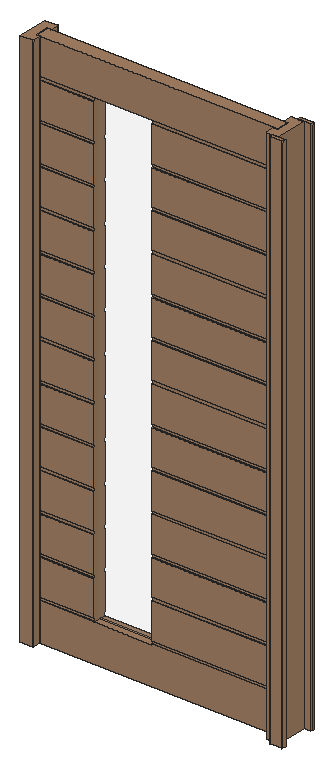
Revit family "DAL_A3-TD10-Panel", category Doors, host Wall, Revit 2016
Family settings
  Host = Wall
  Always vertical = Yes
  Cut with Voids When Loaded = No
  Shared = No
  Room Calculation Point = No
Parameters (values of type "TD10P 900 x 1890mm")
  Panel:Semi-Solid [instance] = not(Panel:Braced Battened)  # yes
  Panel:Braced Battened [instance] = no
  Panel Width = "836"
  Panel Visibility [instance] = not(Over Swing)  # yes
  Panel Height = "2032"
  Over Swing [instance] = no
  Other = "Hinges as supplied by manufacturer. Manufacturer to take note of door weight and to supply hinges accordingly."
  Note = "All quantities & dimensions to be checked on site by contractor prior to ordering of any material, final quantities to be verified by architect. Schedules to be read in conjunction with latest floor layout drawings & finishing schedules."
  Model = ""
  Manufacturer = "Duro Pressings (Pty) Ltd."
  Ironmongery Type [instance] = ""
  Height = 2064 mm
  Wall Closure = By host
  Width = 900 mm
  Hand [instance] = ""
  Glass Finish = none
  Function = Interior
  Frame Centre = 57.5 mm
  Door Panel Finish = "Stop with polyfilla spackle. Ensure that surfaces to be coated are clean, dry, firm and dust free. Apply 2-3 coats paint as specified."
  Door Panel Colour [instance] = "To be specified."
  Door Panel = "Purpose Made Semi-solid Medium Duty flush panel door leaf. 40mm thick with masonite veneer faces suitable for painting and edges to match veneer."
  Door Frame Finish = "Red oxide primer factory finish as supplied by manufacturer. Prepare and paint one coat namelcoat zinc chromate metal primer. 1 coat merit universal undercoat and 2 coats gloss enamel paint colour as per finishing schedule."
  Door Frame Colour [instance] = "To be specified."
  Door Frame = "Purpose Made 1,2mm thick pressed metal steel frame with double rebate complete with lugs and base ties as supplied by manufacturer suitable for 115mm wall."
  Description = "Purpose Made"
  Construction Type = "TD10P"
  Assembly Code = ""
Reference planes
  plane 1: y = 0
  plane 2 "Center (Left/Right)": x = 0
  plane 3 "Left": x = -450
  plane 4 "Right": x = 450
  plane 5: z = 2064
  plane 6 "Exterior": y = 55
  plane 7 "Interior": y = -55
  plane 8 "Frame Edge": y = 65
  plane 9 "Frame Centre": y = -2.5
  plane 10 "Wall Edge": y = 55
  plane 11 "Glass": y = 0
  plane 12: x = -346.5
  plane 13: z = 1016
Forms (mm)
  Sweep 1, solid, material "Door Veneer"
    path origin (0, 55, 0) x (1, 0, 0) y (0, 0, 1)
      loop
        line (450, 142) -> (450, 2032)
    profile "Timber Frame 108mm Single Side : Timber Frame 108mm Single Side" origin (450, 55, 1087) x (-1, 0, 0) y (0, -1, 0)
      loop
        line (22.144, 110) -> (22.144, 120)
        arc (22.144, 120) -> (21.266, 122.121) -> (19.144, 123) r 3
        line (19.144, 123) -> (-19.5, 123)
        arc (-19.5, 123) -> (-21.621, 122.121) -> (-22.5, 120) r 3
        line (-22.5, 120) -> (-22.5, 110) -> (22.144, 110)
      loop
        line (22.144, 0) -> (-22.5, 0) -> (-22.5, -10)
        arc (-22.5, -10) -> (-21.621, -12.121) -> (-19.5, -13) r 3
        line (-19.5, -13) -> (19.144, -13)
        arc (19.144, -13) -> (21.266, -12.121) -> (22.144, -10) r 3
        line (22.144, -10) -> (22.144, 0)
      loop
        line (0, 1) -> (42, 1)
        arc (42, 1) -> (44.121, 1.879) -> (45, 4) r 3
        line (45, 4) -> (45, 30)
        arc (45, 30) -> (44.121, 32.121) -> (42, 33) r 3
        line (42, 33) -> (32, 33) -> (32, 77) -> (42, 77)
        arc (42, 77) -> (44.121, 77.879) -> (45, 80) r 3
        line (45, 80) -> (45, 106)
        arc (45, 106) -> (44.121, 108.121) -> (42, 109) r 3
        line (42, 109) -> (0, 109) -> (0, 1)
  Extrusion 2, solid, material "Door Veneer", visible <- "Panel:Semi-Solid"
    sketch origin (0, 0, 3.812) x (0, 0, -1) y (-1, 0, 0)
      loop
        line (-139, -418) -> (-139, 418) -> (-2029, 418) -> (-2029, -418) -> (-139, -418)
      loop
        line (-1902.188, 218.5) -> (-1902.188, 18.5) -> (-270, 18.5) -> (-270, 218.5) -> (-1902.188, 218.5)
    from -22 to 22
  Extrusion 3, void
    sketch origin (0, 105, 1316) x (0, -1, 0) y (0, 0, -1)
      loop
        line (129, -455) -> (129, -443) -> (123, -443) -> (123, -455) -> (129, -455)
    from -450 to 415
  Extrusion 4, solid, material <- "Glass Finish"
    sketch origin (168.5, 0, 0) x (0, 0, -1) y (-1, 0, 0)
      loop
        line (-1906, 187) -> (-273.812, 187) -> (-273.812, 387) -> (-1906, 387) -> (-1906, 187)
    from 3 to -3
  Extrusion 5, void
    sketch origin (0, 105, 1181) x (0, -1, 0) y (0, 0, -1)
      loop
        line (129, -455) -> (129, -443) -> (123, -443) -> (123, -455) -> (129, -455)
    from -450 to 415
  Extrusion 6, void
    sketch origin (0, 105, 1046) x (0, -1, 0) y (0, 0, -1)
      loop
        line (129, -455) -> (129, -443) -> (123, -443) -> (123, -455) -> (129, -455)
    from -450 to 415
  Extrusion 7, void
    sketch origin (0, 105, 911) x (0, -1, 0) y (0, 0, -1)
      loop
        line (129, -455) -> (129, -443) -> (123, -443) -> (123, -455) -> (129, -455)
    from -450 to 415
  Extrusion 8, void
    sketch origin (0, 105, 776) x (0, -1, 0) y (0, 0, -1)
      loop
        line (129, -455) -> (129, -443) -> (123, -443) -> (123, -455) -> (129, -455)
    from -450 to 415
  Extrusion 9, void
    sketch origin (0, 105, 641) x (0, -1, 0) y (0, 0, -1)
      loop
        line (129, -455) -> (129, -443) -> (123, -443) -> (123, -455) -> (129, -455)
    from -450 to 415
  Extrusion 10, void
    sketch origin (0, 105, 506) x (0, -1, 0) y (0, 0, -1)
      loop
        line (129, -455) -> (129, -443) -> (123, -443) -> (123, -455) -> (129, -455)
    from -450 to 415
  Extrusion 11, void
    sketch origin (0, 105, 371) x (0, -1, 0) y (0, 0, -1)
      loop
        line (129, -455) -> (129, -443) -> (123, -443) -> (123, -455) -> (129, -455)
    from -450 to 415
  Extrusion 12, void
    sketch origin (0, 105, 236) x (0, -1, 0) y (0, 0, -1)
      loop
        line (129, -455) -> (129, -443) -> (123, -443) -> (123, -455) -> (129, -455)
    from -450 to 415
  Extrusion 13, void
    sketch origin (0, 105, 101) x (0, -1, 0) y (0, 0, -1)
      loop
        line (129, -455) -> (129, -443) -> (123, -443) -> (123, -455) -> (129, -455)
    from -450 to 415
  Extrusion 14, void
    sketch origin (0, 105, -34) x (0, -1, 0) y (0, 0, -1)
      loop
        line (129, -455) -> (129, -443) -> (123, -443) -> (123, -455) -> (129, -455)
    from -450 to 415
  Extrusion 15, void
    sketch origin (0, 105, -169) x (0, -1, 0) y (0, 0, -1)
      loop
        line (129, -455) -> (129, -443) -> (123, -443) -> (123, -455) -> (129, -455)
    from -450 to 415
  Extrusion 16, void
    sketch origin (0, -105, 1181) x (0, 1, 0) y (0, 0, 1)
      loop
        line (129, 455) -> (123, 455) -> (123, 443) -> (129, 443) -> (129, 455)
    from -450 to 415
  Extrusion 17, void
    sketch origin (0, -105, 1046) x (0, 1, 0) y (0, 0, 1)
      loop
        line (129, 455) -> (123, 455) -> (123, 443) -> (129, 443) -> (129, 455)
    from -450 to 415
  Extrusion 18, void
    sketch origin (0, -105, 911) x (0, 1, 0) y (0, 0, 1)
      loop
        line (129, 455) -> (123, 455) -> (123, 443) -> (129, 443) -> (129, 455)
    from -450 to 415
  Extrusion 19, void
    sketch origin (0, -105, 776) x (0, 1, 0) y (0, 0, 1)
      loop
        line (129, 455) -> (123, 455) -> (123, 443) -> (129, 443) -> (129, 455)
    from -450 to 415
  Extrusion 20, void
    sketch origin (0, -105, 641) x (0, 1, 0) y (0, 0, 1)
      loop
        line (129, 455) -> (123, 455) -> (123, 443) -> (129, 443) -> (129, 455)
    from -450 to 415
  Extrusion 21, void
    sketch origin (0, -105, 506) x (0, 1, 0) y (0, 0, 1)
      loop
        line (129, 455) -> (123, 455) -> (123, 443) -> (129, 443) -> (129, 455)
    from -450 to 415
  Extrusion 22, void
    sketch origin (0, -105, 371) x (0, 1, 0) y (0, 0, 1)
      loop
        line (129, 455) -> (123, 455) -> (123, 443) -> (129, 443) -> (129, 455)
    from -450 to 415
  Extrusion 23, void
    sketch origin (0, -105, 236) x (0, 1, 0) y (0, 0, 1)
      loop
        line (129, 455) -> (123, 455) -> (123, 443) -> (129, 443) -> (129, 455)
    from -450 to 415
  Extrusion 24, void
    sketch origin (0, -105, 101) x (0, 1, 0) y (0, 0, 1)
      loop
        line (129, 455) -> (123, 455) -> (123, 443) -> (129, 443) -> (129, 455)
    from -450 to 415
  Extrusion 25, void
    sketch origin (0, -105, -34) x (0, 1, 0) y (0, 0, 1)
      loop
        line (129, 455) -> (123, 455) -> (123, 443) -> (129, 443) -> (129, 455)
    from -450 to 415
  Extrusion 26, void
    sketch origin (0, -105, -169) x (0, 1, 0) y (0, 0, 1)
      loop
        line (129, 455) -> (123, 455) -> (123, 443) -> (129, 443) -> (129, 455)
    from -450 to 415
  Extrusion 27, void
    sketch origin (0, 105, 1451) x (0, -1, 0) y (0, 0, -1)
      loop
        line (129, -455) -> (129, -443) -> (123, -443) -> (123, -455) -> (129, -455)
    from -450 to 415
  Extrusion 28, void
    sketch origin (0, -105, 1316) x (0, 1, 0) y (0, 0, 1)
      loop
        line (129, 455) -> (123, 455) -> (123, 443) -> (129, 443) -> (129, 455)
    from -450 to 415
  Extrusion 29, void
    sketch origin (0, -105, 1451) x (0, 1, 0) y (0, 0, 1)
      loop
        line (129, 455) -> (123, 455) -> (123, 443) -> (129, 443) -> (129, 455)
    from -450 to 415
  Sweep 30, solid, material "Door Veneer"
    path origin (0, 55, 0) x (-1, 0, 0) y (0, 0, 1)
      loop
        line (450, 142.812) -> (450, 2032)
    profile "Timber Frame 108mm Single Side No Architrave : Timber Frame 108mm Single Side No Architrave" origin (-450, 55, 1087.406) x (-1, 0, 0) y (0, -1, 0)
      loop
        line (0, 1) -> (0, 109) -> (-42, 109)
        arc (-42, 109) -> (-44.121, 108.121) -> (-45, 106) r 3
        line (-45, 106) -> (-45, 80)
        arc (-45, 80) -> (-44.121, 77.879) -> (-42, 77) r 3
        line (-42, 77) -> (-32, 77) -> (-32, 33) -> (-42, 33)
        arc (-42, 33) -> (-44.121, 32.121) -> (-45, 30) r 3
        line (-45, 30) -> (-45, 4)
        arc (-45, 4) -> (-44.121, 1.879) -> (-42, 1) r 3
        line (-42, 1) -> (0, 1)
Cuts and joins
  Extrusion 3, Extrusion 5, Extrusion 6, Extrusion 7, Extrusion 8, Extrusion 9, Extrusion 10, Extrusion 11, Extrusion 12, Extrusion 13, Extrusion 14, Extrusion 15, Extrusion 16, Extrusion 17, Extrusion 18, Extrusion 19, Extrusion 20, Extrusion 21, Extrusion 22, Extrusion 23, Extrusion 24, Extrusion 25, Extrusion 26, Extrusion 27, Extrusion 28, Extrusion 29 cuts Sweep 1
  Extrusion 3, Extrusion 5, Extrusion 6, Extrusion 7, Extrusion 8, Extrusion 9, Extrusion 10, Extrusion 11, Extrusion 12, Extrusion 13, Extrusion 14, Extrusion 15, Extrusion 16, Extrusion 17, Extrusion 18, Extrusion 19, Extrusion 20, Extrusion 21, Extrusion 22, Extrusion 23, Extrusion 24, Extrusion 25, Extrusion 26, Extrusion 27, Extrusion 28, Extrusion 29 cuts Extrusion 2
Lines and regions (mm)
  Opening 1
    outline origin (-3050, -55, 0) x (1, 0, 0) y (0, 0, 1)
      loop
        line (2600, 0) -> (3500, 0) -> (3500, 2064) -> (2600, 2064) -> (2600, 0)
  symbolic lines, style "Overhead"
    curve 1: line (-450, -55, 0) -> (450, -55, 0)
    curve 2: line (-450, 55, 0) -> (450, 55, 0)
  symbolic lines, style "DoorsPanelProjection", visible <- "Panel Visibility"
    curve 3: line (371, 65, 0) -> (415, 65, 0)
Text (mm)
  text "Exterior" at (0, 1615.38, 3698.081), in view "Left"
  text "Exterior" at (0, 1036.032, 3874.932), in view "Right"
Dimensions and locks
  equal spacing: plane 3 "Left", plane 2 "Center (Left/Right)", plane 4 "Right"
  "Width": plane 3 "Left" to plane 4 "Right"
  "Height": plane 5 to host wall
  host wall to plane 5 = 2064 mm  (x2)
  locked: plane 6 "Exterior" to host wall at 0
  locked: plane 7 "Interior" to host wall
  plane 9 "Frame Centre" to plane 10 "Wall Edge" to plane 8 "Frame Edge" = 57.5 mm locked, 10 mm locked
  "Frame Centre": plane 9 "Frame Centre" to plane 6 "Exterior"
  cut or joined group 1 (Extrusion 2, Extrusion 3, Extrusion 5, Extrusion 6, Extrusion 7, Extrusion 8, Extrusion 9, Extrusion 10, Extrusion 11, Extrusion 12, Extrusion 13, Extrusion 14, Extrusion 15, Extrusion 16, Extrusion 17, Extrusion 18, Extrusion 19, Extrusion 20, Extrusion 21, Extrusion 22, Extrusion 23, Extrusion 24, Extrusion 25, Extrusion 26, Extrusion 27, Extrusion 28, Extrusion 29) to cut or joined group 1 = 1890 mm  (x2)
  plane 3 "Left" to plane 4 "Right" = 900 mm  (x2)
  cut or joined group 1 to cut or joined group 1 to level = 1890 mm, 142.812 mm
  aligned and locked: plane 5 to Opening 1 sketch curve  (x2)
  aligned and locked: Opening 1 sketch curve to plane 4 "Right"
  aligned and locked: Opening 1 sketch curve to level
  aligned and locked: plane 1 to host wall
  aligned and locked: plane 7 "Interior" to curve 1
  aligned and locked: plane 3 "Left" to curve 2
  aligned and locked: plane 4 "Right" to curve 2
Automatic sketch dimensions
  curve 1 to plane 3 "Left" = 0 mm
  curve 1 to plane 4 "Right" = 0 mm
  curve 2 to host wall = 0 mm
  plane 3 "Left" to Opening 1 sketch curve = 0 mm
  plane 4 "Right" to Sweep 1 sketch curve = 0 mm
  level to Sweep 1 sketch curve = 142 mm
  plane 5 to Sweep 1 sketch curve = 32 mm
  plane 5 to Extrusion 2 sketch curve = 31.188 mm
  Extrusion 2 sketch curve to plane 2 "Center (Left/Right)" = 18.5 mm
  plane 5 to Extrusion 2 sketch curve = 158 mm
  Extrusion 2 sketch curve to plane 12 = 128 mm
  level to Extrusion 2 sketch curve = 273.812 mm
  plane 4 "Right" to Extrusion 2 sketch curve = 32 mm
  level to Extrusion 2 sketch curve = 142.812 mm
  Extrusion 2 sketch curve to plane 3 "Left" = 32 mm
  plane 8 "Frame Edge" to curve 3 = 0 mm
  plane 4 "Right" to curve 3 = 79 mm
  plane 4 "Right" to curve 3 = 35 mm
  plane 9 "Frame Centre" to Extrusion 3 sketch curve = 15.5 mm
  Extrusion 3 sketch curve to Extrusion 3 sketch curve = 6 mm
  plane 5 to Extrusion 3 sketch curve = 293 mm
  Extrusion 3 sketch curve to Extrusion 3 sketch curve = 12 mm
  plane 5 to Extrusion 4 sketch curve = 158 mm
  Extrusion 4 sketch curve to plane 2 "Center (Left/Right)" = 18.5 mm
  level to Extrusion 4 sketch curve = 273.812 mm
  Extrusion 4 sketch curve to plane 12 = 128 mm
  plane 9 "Frame Centre" to Extrusion 5 sketch curve = 15.5 mm
  Extrusion 5 sketch curve to Extrusion 5 sketch curve = 6 mm
  plane 5 to Extrusion 5 sketch curve = 428 mm
  Extrusion 5 sketch curve to Extrusion 5 sketch curve = 12 mm
  plane 9 "Frame Centre" to Extrusion 6 sketch curve = 15.5 mm
  Extrusion 6 sketch curve to Extrusion 6 sketch curve = 6 mm
  plane 13 to Extrusion 6 sketch curve = 485 mm
  Extrusion 6 sketch curve to Extrusion 6 sketch curve = 12 mm
  plane 9 "Frame Centre" to Extrusion 7 sketch curve = 15.5 mm
  Extrusion 7 sketch curve to Extrusion 7 sketch curve = 6 mm
  plane 13 to Extrusion 7 sketch curve = 350 mm
  Extrusion 7 sketch curve to Extrusion 7 sketch curve = 12 mm
  plane 9 "Frame Centre" to Extrusion 8 sketch curve = 15.5 mm
  Extrusion 8 sketch curve to Extrusion 8 sketch curve = 6 mm
  plane 13 to Extrusion 8 sketch curve = 215 mm
  Extrusion 8 sketch curve to Extrusion 8 sketch curve = 12 mm
  plane 9 "Frame Centre" to Extrusion 9 sketch curve = 15.5 mm
  Extrusion 9 sketch curve to Extrusion 9 sketch curve = 6 mm
  plane 13 to Extrusion 9 sketch curve = 80 mm
  Extrusion 9 sketch curve to Extrusion 9 sketch curve = 12 mm
  plane 9 "Frame Centre" to Extrusion 10 sketch curve = 15.5 mm
  Extrusion 10 sketch curve to Extrusion 10 sketch curve = 6 mm
  Extrusion 10 sketch curve to plane 13 = 55 mm
  Extrusion 10 sketch curve to Extrusion 10 sketch curve = 12 mm
  plane 9 "Frame Centre" to Extrusion 11 sketch curve = 15.5 mm
  Extrusion 11 sketch curve to Extrusion 11 sketch curve = 6 mm
  Extrusion 11 sketch curve to plane 13 = 190 mm
  Extrusion 11 sketch curve to Extrusion 11 sketch curve = 12 mm
  plane 9 "Frame Centre" to Extrusion 12 sketch curve = 15.5 mm
  Extrusion 12 sketch curve to Extrusion 12 sketch curve = 6 mm
  Extrusion 12 sketch curve to plane 13 = 325 mm
  Extrusion 12 sketch curve to Extrusion 12 sketch curve = 12 mm
  plane 9 "Frame Centre" to Extrusion 13 sketch curve = 15.5 mm
  Extrusion 13 sketch curve to Extrusion 13 sketch curve = 6 mm
  Extrusion 13 sketch curve to plane 13 = 460 mm
  Extrusion 13 sketch curve to Extrusion 13 sketch curve = 12 mm
  plane 9 "Frame Centre" to Extrusion 14 sketch curve = 15.5 mm
  Extrusion 14 sketch curve to Extrusion 14 sketch curve = 6 mm
  level to Extrusion 14 sketch curve = 421 mm
  Extrusion 14 sketch curve to Extrusion 14 sketch curve = 12 mm
  plane 9 "Frame Centre" to Extrusion 15 sketch curve = 15.5 mm
  Extrusion 15 sketch curve to Extrusion 15 sketch curve = 6 mm
  level to Extrusion 15 sketch curve = 286 mm
  Extrusion 15 sketch curve to Extrusion 15 sketch curve = 12 mm
  Extrusion 16 sketch curve to host wall = 18 mm
  Extrusion 16 sketch curve to Extrusion 16 sketch curve = 6 mm
  plane 5 to Extrusion 16 sketch curve = 440 mm
  Extrusion 16 sketch curve to Extrusion 16 sketch curve = 12 mm
  Extrusion 17 sketch curve to host wall = 18 mm
  Extrusion 17 sketch curve to Extrusion 17 sketch curve = 6 mm
  plane 13 to Extrusion 17 sketch curve = 473 mm
  Extrusion 17 sketch curve to Extrusion 17 sketch curve = 12 mm
  Extrusion 18 sketch curve to host wall = 18 mm
  Extrusion 18 sketch curve to Extrusion 18 sketch curve = 6 mm
  plane 13 to Extrusion 18 sketch curve = 338 mm
  Extrusion 18 sketch curve to Extrusion 18 sketch curve = 12 mm
  Extrusion 19 sketch curve to host wall = 18 mm
  Extrusion 19 sketch curve to Extrusion 19 sketch curve = 6 mm
  plane 13 to Extrusion 19 sketch curve = 203 mm
  Extrusion 19 sketch curve to Extrusion 19 sketch curve = 12 mm
  Extrusion 20 sketch curve to host wall = 18 mm
  Extrusion 20 sketch curve to Extrusion 20 sketch curve = 6 mm
  plane 13 to Extrusion 20 sketch curve = 68 mm
  Extrusion 20 sketch curve to Extrusion 20 sketch curve = 12 mm
  Extrusion 21 sketch curve to host wall = 18 mm
  Extrusion 21 sketch curve to Extrusion 21 sketch curve = 6 mm
  Extrusion 21 sketch curve to plane 13 = 67 mm
  Extrusion 21 sketch curve to Extrusion 21 sketch curve = 12 mm
  Extrusion 22 sketch curve to host wall = 18 mm
  Extrusion 22 sketch curve to Extrusion 22 sketch curve = 6 mm
  Extrusion 22 sketch curve to plane 13 = 202 mm
  Extrusion 22 sketch curve to Extrusion 22 sketch curve = 12 mm
  Extrusion 23 sketch curve to host wall = 18 mm
  Extrusion 23 sketch curve to Extrusion 23 sketch curve = 6 mm
  Extrusion 23 sketch curve to plane 13 = 337 mm
  Extrusion 23 sketch curve to Extrusion 23 sketch curve = 12 mm
  Extrusion 24 sketch curve to host wall = 18 mm
  Extrusion 24 sketch curve to Extrusion 24 sketch curve = 6 mm
  Extrusion 24 sketch curve to plane 13 = 472 mm
  Extrusion 24 sketch curve to Extrusion 24 sketch curve = 12 mm
  Extrusion 25 sketch curve to host wall = 18 mm
  Extrusion 25 sketch curve to Extrusion 25 sketch curve = 6 mm
  level to Extrusion 25 sketch curve = 409 mm
  Extrusion 25 sketch curve to Extrusion 25 sketch curve = 12 mm
  Extrusion 26 sketch curve to host wall = 18 mm
  Extrusion 26 sketch curve to Extrusion 26 sketch curve = 6 mm
  level to Extrusion 26 sketch curve = 274 mm
  Extrusion 26 sketch curve to Extrusion 26 sketch curve = 12 mm
  plane 9 "Frame Centre" to Extrusion 27 sketch curve = 15.5 mm
  Extrusion 27 sketch curve to Extrusion 27 sketch curve = 6 mm
  plane 5 to Extrusion 27 sketch curve = 158 mm
  Extrusion 27 sketch curve to Extrusion 27 sketch curve = 12 mm
  Extrusion 28 sketch curve to host wall = 18 mm
  Extrusion 28 sketch curve to Extrusion 28 sketch curve = 6 mm
  plane 5 to Extrusion 28 sketch curve = 305 mm
  Extrusion 28 sketch curve to Extrusion 28 sketch curve = 12 mm
  Extrusion 29 sketch curve to host wall = 18 mm
  Extrusion 29 sketch curve to Extrusion 29 sketch curve = 6 mm
  plane 5 to Extrusion 29 sketch curve = 170 mm
  Extrusion 29 sketch curve to Extrusion 29 sketch curve = 12 mm
  plane 3 "Left" to Sweep 30 sketch curve = 0 mm
  Sweep 30 sketch curve to level = 142.812 mm
  Sweep 30 sketch curve to plane 5 = 32 mm
